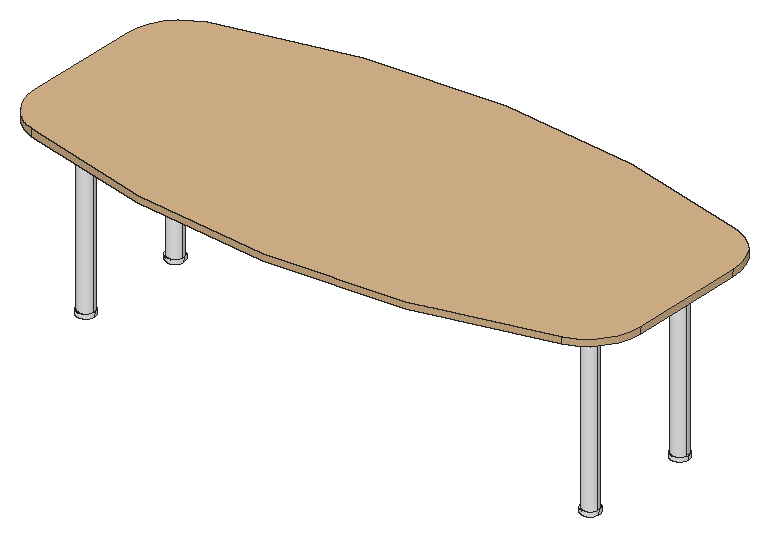
Revit family
Parameters (values of type "2400 x 1200")
  Vis - Symbolic Hidden = yes
  Material Table = Wood - Birch
  Model = ""
  Manufacturer = "Revit"
  Material Leg = Metal - Chrome
  Keynote = "N"
  Description = "Board Table"
  Assembly Code = "E2020200"
Reference planes
  plane 1 "Center (Front/Back)": y = 0
  plane 2: z = 0
  plane 3 "Center (Left/Right)": x = 0
  plane 4: y = -221.174
  plane 5: y = 221.174
Forms (mm)
  Extrusion 1, solid, material "Wood - Birch" <- "Material Table"
    sketch origin (0, 0, 0) x (1, 0, 0) y (0, 1, 0)
      loop
        arc (1051.36, 440.482) -> (0, 607.301) -> (-1051.36, 440.482) r 3396.449
        arc (-1051.36, 440.482) -> (-1158.921, 362.266) -> (-1200, 235.776) r 215.279
        line (-1200, 235.776) -> (-1200, -221.174)
        arc (-1200, -221.174) -> (-1158.921, -347.664) -> (-1051.36, -425.88) r 215.279
        arc (-1051.36, -425.88) -> (0, -592.699) -> (1051.36, -425.88) r 3396.449
        arc (1051.36, -425.88) -> (1158.921, -347.664) -> (1200, -221.174) r 215.279
        line (1200, -221.174) -> (1200, 235.776)
        arc (1200, 235.776) -> (1158.921, 362.266) -> (1051.36, 440.482) r 215.279
    from 700 to 725
Lines and regions (mm)
  Masking region 1
    outline origin (0, 0, 0) x (1, 0, 0) y (0, 1, 0)
      loop
        arc (1051.36, 440.482) -> (0, 607.301) -> (-1051.36, 440.482) r 3396.449
        arc (-1051.36, 440.482) -> (-1158.921, 362.266) -> (-1200, 235.776) r 215.279
        line (-1200, 235.776) -> (-1200, -221.174)
        arc (-1200, -221.174) -> (-1158.921, -347.664) -> (-1051.36, -425.88) r 215.279
        arc (-1051.36, -425.88) -> (0, -592.699) -> (1051.36, -425.88) r 3396.449
        arc (1051.36, -425.88) -> (1158.921, -347.664) -> (1200, -221.174) r 215.279
        line (1200, -221.174) -> (1200, 235.776)
        arc (1200, 235.776) -> (1158.921, 362.266) -> (1051.36, 440.482) r 215.279
  symbolic lines, not visible
    curve 1: arc (1051.36, 440.482, 0) -> (0, 607.301, 0) -> (-1051.36, 440.482, 0) r 3396.449
    curve 2: arc (-1051.36, 440.482, 0) -> (-1158.921, 362.266, 0) -> (-1200, 235.776, 0) r 215.279
    curve 3: line (-1200, 235.776, 0) -> (-1200, -221.174, 0)
    curve 4: arc (-1200, -221.174, 0) -> (-1158.921, -347.664, 0) -> (-1051.36, -425.88, 0) r 215.279
    curve 5: arc (-1051.36, -425.88, 0) -> (0, -592.699, 0) -> (1051.36, -425.88, 0) r 3396.449
    curve 6: arc (1051.36, -425.88, 0) -> (1158.921, -347.664, 0) -> (1200, -221.174, 0) r 215.279
    curve 7: line (1200, -221.174, 0) -> (1200, 235.776, 0)
    curve 8: arc (1200, 235.776, 0) -> (1158.921, 362.266, 0) -> (1051.36, 440.482, 0) r 215.279
  symbolic lines, style "Hidden Lines", visible <- "Vis - Symbolic Hidden"
    curve 9: arc (-1042.884, 221.174, 0) -> (-999.884, 178.174, 0) -> (-956.884, 221.174, 0) r 43
    curve 10: arc (-956.884, 221.174, 0) -> (-999.884, 264.174, 0) -> (-1042.884, 221.174, 0) r 43
    curve 11: arc (-1042.884, -221.174, 0) -> (-999.884, -264.174, 0) -> (-956.884, -221.174, 0) r 43
    curve 12: arc (-956.884, -221.174, 0) -> (-999.884, -178.174, 0) -> (-1042.884, -221.174, 0) r 43
    curve 13: arc (956.884, -221.174, 0) -> (999.884, -264.174, 0) -> (1042.884, -221.174, 0) r 43
    curve 14: arc (1042.884, -221.174, 0) -> (999.884, -178.174, 0) -> (956.884, -221.174, 0) r 43
    curve 15: arc (956.884, 221.174, 0) -> (999.884, 178.174, 0) -> (1042.884, 221.174, 0) r 43
    curve 16: arc (1042.884, 221.174, 0) -> (999.884, 264.174, 0) -> (956.884, 221.174, 0) r 43
Dimensions and locks
  aligned and locked: Extrusion 1 to nested 1
  aligned and locked: curve 9 to nested 2
  aligned and locked: curve 10 to nested 2
  aligned and locked: curve 11 to nested 1
  aligned and locked: curve 12 to nested 1
  aligned and locked: curve 13 to nested 3
  aligned and locked: curve 14 to nested 3
  aligned and locked: curve 15 to nested 4
  aligned and locked: curve 16 to nested 4
  aligned and locked: Masking region 1 sketch curve to curve 1
  aligned and locked: Masking region 1 sketch curve to curve 2
  aligned and locked: Masking region 1 sketch curve to curve 3
  aligned and locked: Masking region 1 sketch curve to curve 4
  aligned and locked: Masking region 1 sketch curve to curve 5
  aligned and locked: Masking region 1 sketch curve to curve 6
  aligned and locked: Masking region 1 sketch curve to curve 7
  aligned and locked: Masking region 1 sketch curve to curve 8
Nested families
  nested 1: "Leg" at (-999.884, -221.174, 0), type "Height 700mm"
  nested 2: "Leg" at (-999.884, 221.174, 0), type "Height 700mm"
  nested 3: "Leg" at (999.884, -221.174, 0) x (-1, 0, 0) z (0, 0, 1), type "Height 700mm"
  nested 4: "Leg" at (999.884, 221.174, 0) x (-1, 0, 0) z (0, 0, 1), type "Height 700mm"
Definition of nested family "Leg"
  Parameters (values of type "Height 700mm")
    Model = "Abacus"
    Manufacturer = "LM"
    Leg Material = none
    Description = "Table Leg"
    Assembly Code = "E2020200"
  Reference planes
    plane 1 "Center (Front/Back)": y = 0
    plane 2: z = 0
    plane 3 "Center (Left/Right)": x = 0
  Forms (mm)
    Revolve 1, solid, material <- "Leg Material"
      sketch origin (0, 0, 0) x (1, 0, 0) y (0, 0, 1)
        loop
          line (0, 15) -> (0, 700) -> (-43, 700) -> (-33, 650) -> (-30, 650) -> (-30, 15) -> (0, 15)
        axis (0, 15) -> (0, 700)
      angle from 0 to 360
    Extrusion 2, solid, material <- "Leg Material"
      sketch origin (0, 0, 0) x (1, 0, 0) y (0, 1, 0)
        loop
          circle (0, 0) r 35
      from 0 to 15
  Dimensions and locks
    aligned and locked: plane 3 "Center (Left/Right)" to Revolve 1 sketch curve
    aligned and locked: Revolve 1 to Extrusion 2
